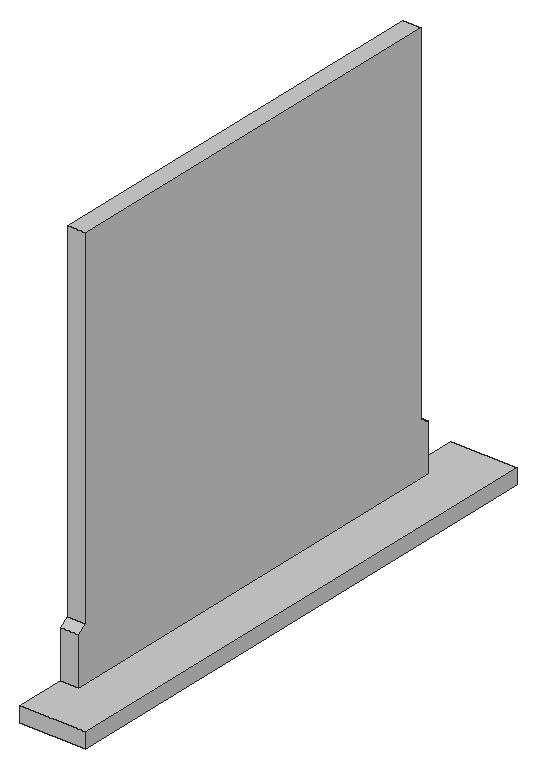
Revit family "LAMP_FIL 70 ACC END COVER RECESSED", category Modelos genéricos, Revit 2015
Parameters (values of type "GREY")
  Weight = 0.049 kg
  Product datasheet = "https://www.lamp.es/product-files/TECH/F7REECG-EN.pdf"
  Product code = "F7REECG"
  Modelo = Product code  # "F7REECG"
  Material [instance] = LAMP_Aluminio Perfil Fil GR
  Manufacturer name = "LAMP"
  Manufacturer country = "Spain"
  Manufacturer URL = "http://www.lamp.es/en"
  Luminaire type = "Assembly"
  Last update = "18/08/2020"
  Installation instructions = ""
  Finish = "Gloss grey"
  Fabricante = Manufacturer name  # "LAMP"
  Descripción = "FIL 70 ACC. REC END COVER GR."
Types (3, lengths in mm): name | Product datasheet | Product code | Modelo | Material | Finish | Descripción
  (no name) | "https://www.lamp.es/product-files/TECH/F7REECG-EN.pdf" | "F7REECG" | "F7REECG" | LAMP_Aluminio Perfil Fil GR | "Gloss grey" | "FIL 70 ACC. REC END COVER GR."
  GREY | "https://www.lamp.es/product-files/TECH/F7REECG-EN.pdf" | "F7REECG" | "F7REECG" | LAMP_Aluminio Perfil Fil GR | "Gloss grey" | "FIL 70 ACC. REC END COVER GR."
  WHITE | "https://www.lamp.es/product-files/TECH/F7REECW-EN.pdf" | "F7REECW" | "F7REECW" | LAMP_Aluminio Perfil Fil BL | "Matt white" | "FIL 70 ACC. REC END COVER WH."
Reference planes
  plane 1 "Centro (Frontal/Posterior)": y = 0
  plane 2: z = 0
  plane 3 "Centro (Izquierda/Derecha)": x = 0
Forms (mm)
  Extrusion 1, solid, material "LAMP_Aluminio Perfil Fil GR" <- "Material"
    sketch origin (0, 0, 0) x (1, 0, 0) y (0, 0, 1)
      loop
        line (0, 0) -> (11, 0) -> (11, 2.5) -> (3, 2.5) -> (3, 70) -> (0, 70) -> (0, 0)
    from 45 to -45
  Extrusion 2, void
    sketch origin (0, -11, 0) x (0, -1, 0) y (0, 0, -1)
      loop
        line (34, -2.5) -> (25.5, -2.5) -> (25.5, -10.5) -> (24, -11.436) -> (24, -71.895) -> (34, -71.895) -> (34, -2.5)
    from 3 to 0
  Extrusion 3, void
    sketch origin (0, 11, 0) x (0, 1, 0) y (0, 0, 1)
      loop
        line (34, 2.5) -> (34, 71.895) -> (24, 71.895) -> (24, 11.436) -> (25.5, 10.5) -> (25.5, 2.5) -> (34, 2.5)
    from 3 to 0
Cuts and joins
  Extrusion 2, Extrusion 3 cuts Extrusion 1
Text (mm)
  text "Any modification of the parameters and properties of the LAMP BIM models must be executed and validated by the LAMP technical department.\n\nPhone: +34 93 736 68 00\n\nE-mail: lamp@lamp.es\n\n\n\nLAMP reserves the right to modify the technical specifications of its products." at (44012.343, -44329.051, 16742.06), in view "Preview"
Dimensions and locks
  aligned and locked: level to plane 2
